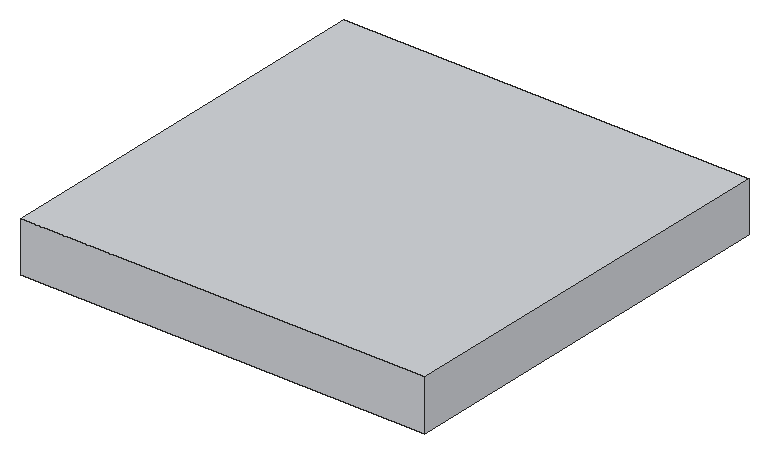
Revit family "Céspol TV-016", category Aparatos sanitarios, Revit 2016
Family settings
  Anfitrión = Cara
  Tipo de pieza = Normal
  Cota de conector redondo = Diámetro de uso
  Número OmniClass = 23.45.00.00
  Título OmniClass = Sanitary, Laundry, and Cleaning Equipment
  Corte con vacíos al cargar = No
  Compartido = Sí
  Punto de cálculo de habitación = Sí
Parameters (values of type "TV-016")
  URL = "http://www.helvex.com.mx/c%C3%A9spol-tv-016"
  Total Length = 2.70079"
  Total Height = 4.40157"
  Support Base Diameter = 10.59843"
  Inlet Threads = "Ø1¼\" (32mm) Pipe"
  Imagen de tipo = TV-016.jpg
  Modelo = "TV-016"
  Fabricante = "HELVEX S.A DE C.V"
  Default Elevation = 1.25197"
  Comentarios de tipo = "Lavatory Accesories"
  Brass Chromed = Brass
Reference planes (in)
  plane 1 "Center (Front/Back)": y = 0
  plane 2: z = 0
  plane 3 "Center (Left/Right)": x = 0
Forms (in)
  Extrusion 1, solid
    sketch origin (0, 0, 0) x (1, 0, 0) y (0, 1, 0)
      loop
        line (-48, 48) -> (-48, -48) -> (48, -48) -> (48, 48) -> (-48, 48)
    from 0 to -12
Dimensions and locks (in)
  aligned and locked: plane 2 to Extrusion 1
  aligned and locked: level to Extrusion 1
Connectors (in)
  piping at (0, 0.01852, 0), diameter 1.25197, driven by "Default Elevation"
    settings: on free form element, index 1, connector inside diameter 24", connector length 0.00", flow factor 0, pipe flow 0 GPM, pressure drop 0.00 psi, fitting loss kfactor 0, connector angle 0.00°, fixture units 0, engagement length 0.00", angle of deflection 0.00°, flow configuration 0, flow direction 2, fitting loss method 0, system type 16, joint type 0, gender type 0, connector reference index -1, connector utility 0, adjustable connector no, is connector primary yes, connector description ""
